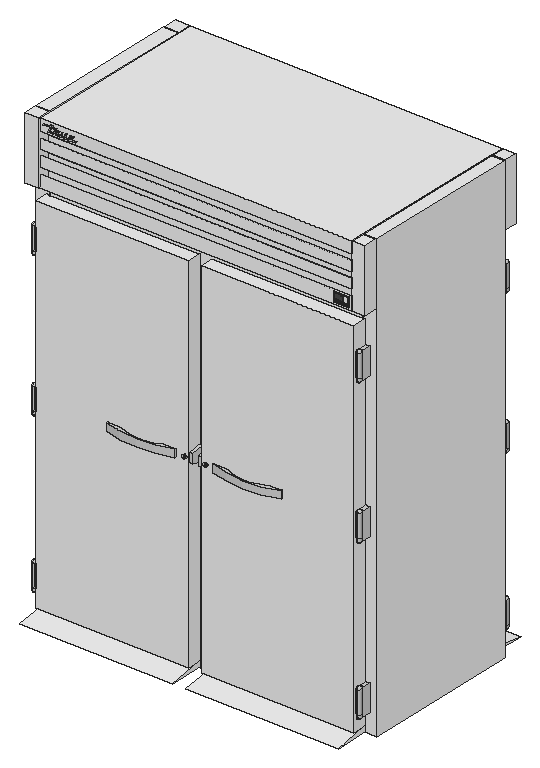
Revit family
Parameters
  Weight in Pounds = 0
  Watts = Volts * FL Amps  # 1092.5 W
  Volts = 115 V
  URL Cutsheet = "www.truemfg.com"
  URL = "www.truemfg.com"
  Type Mark [instance] = ""
  Type Comments = ""
  Status [instance] = ""
  Specification by User [instance] = ""
  Specification by Manufacturer = ""
  Show Logo [instance] = yes
  Show Clearance [instance] = yes
  Serial Number = ""
  Seismic Rating = ""
  SMACNA No = ""
  Revision Code [instance] = ""
  Phase = 1
  Omniclass Number and Title = ""
  Number of Poles [instance] = 1
  NAFEM Spec ID Number = ""
  Model = "STG2RRT89-2S-2S"
  Min Ckt Ampacity = 0 A
  Max Overcurrent Protection = 0 A
  Masterspec = ""
  Manufacturer = "TRUE FOOD SERVICE EQUIPMENT, INC."
  Length = 68"
  Item Number [instance] = ""
  Installed By [instance] = ""
  Identify Quantity as Lot [instance] = yes
  Height = 88 3/4"
  HP = "1/2"
  Furnished By [instance] = ""
  Foodservice Equipment Identifier [instance] = yes
  FL Amps = 9.5 A
  Electrical Remarks [instance] = ""
  Electric Connection Type [instance] = ""
  Elec Conn RI Height [instance] = 0"
  Elec Conn Connection Height [instance] = 0"
  Description = "Roll-thru Solid Swing Door Refrigerator"
  Depth = 37 1/2"
  Cycle = 60 Hz
  Conn Plug = "5-15P"
  Conn Conduit = yes
  CSI MasterFormat = ""
  CSI Master Format = ""
  Apparent Power = if(Phase = 3, Volts * FL Amps * 1.73, Volts * FL Amps)  # 1092.5 VA
Reference planes (in)
  plane 1 "BACK": y = 0
  plane 2: z = 0
  plane 3 "LEFT": x = 0
  plane 4 "RIGHT": x = 68
  plane 5 "FRONT": y = -37.5
  plane 6 "TOP": z = 88.75
  plane 7: x = 2.84375
  plane 8: y = -18.75
  plane 9: z = 73.75
  plane 10: y = -37.4542
  plane 11: y = -0.0458
  plane 12: x = 34
Forms (in)
  Extrusion 1, solid, material "QF_Finishes_Chrome - Satin"
    sketch origin (0.05, 0, 0) x (1, 0, 0) y (0, 1, 0)
      loop
        line (-0.05, -2.75) -> (-0.05, -34.75) -> (2.87859, -34.75) -> (2.87859, -2.75) -> (-0.05, -2.75)
    from 0 to 88.75
  Extrusion 2, solid, material "QF_Finishes_Chrome - Satin"
    sketch origin (83.15, 0, 0) x (1, 0, 0) y (0, 1, 0)
      loop
        line (-17.85, -2.75) -> (-17.85, -34.75) -> (-15.15, -34.75) -> (-15.15, -2.75) -> (-17.85, -2.75)
    from 0 to 88.75
  Extrusion 3, solid, material "QF_Finishes_Chrome - Satin"
    sketch origin (0, 0, 0) x (0, 1, 0) y (0, 0, 1)
      loop
        line (-37.4542, 76.28125) -> (-34.75, 76.28125) -> (-34.75, 0) -> (-2.75, 0) -> (-2.75, 76.28125) -> (-0.0458, 76.28125) -> (-0.0458, 78.81726) -> (-2.25, 77.25) -> (-2.25, 78.52557) -> (-0.0458, 80.09284) -> (-0.0458, 82.18904) -> (-2.25, 80.62178) -> (-2.25, 81.58254) -> (-0.0458, 83.1498) -> (-0.0458, 85.28351) -> (-2.25, 83.71625) -> (-2.25, 84.83852) -> (-0.0458, 86.40578) -> (-0.0458, 88.75) -> (-37.4542, 88.75) -> (-37.4542, 86.40578) -> (-35.25, 84.83852) -> (-35.25, 83.71625) -> (-37.4542, 85.28351) -> (-37.4542, 83.1498) -> (-35.25, 81.58254) -> (-35.25, 80.62178) -> (-37.4542, 82.18904) -> (-37.4542, 80.09284) -> (-35.25, 78.52557) -> (-35.25, 77.25) -> (-37.4542, 78.81726) -> (-37.4542, 76.28125)
    from 2.92859 to 65.3
  Extrusion 4, solid, material "QF_Finishes_Chrome - Satin"
    sketch origin (33, 0, 0) x (1, 0, 0) y (0, 1, 0)
      loop
        line (34.84782, -34.75) -> (32.3, -34.75) -> (32.3, -37.5) -> (34.84782, -37.5) -> (34.84782, -34.75)
      loop
        line (34.84782, -2.75) -> (34.84782, 0) -> (32.3, 0) -> (32.3, -2.75) -> (34.84782, -2.75)
    from 76.28125 to 88.75
  Extrusion 5, solid, material "QF_Finishes_Chrome - Satin"
    sketch origin (-50.125, 0, 0.25) x (1, 0, 0) y (0, 1, 0)
      loop
        line (53.05359, -34.75) -> (50.24109, -34.75) -> (50.24109, -37.5) -> (53.05359, -37.5) -> (53.05359, -34.75)
      loop
        line (53.05359, -2.75) -> (53.05359, 0) -> (50.24109, 0) -> (50.24109, -2.75) -> (53.05359, -2.75)
    from 76.03125 to 88.5
  Extrusion 6, solid, material "QF_Finishes_Chrome - Satin"
    sketch origin (-24.96875, -3.75, -0.71875) x (1, 0, 0) y (0, 0, 1)
      loop
        line (27.25, 1.71875) -> (57.65625, 1.71875) -> (57.65625, 74.46875) -> (27.25, 74.46875) -> (27.25, 1.71875)
      loop
        line (90.6875, 1.71875) -> (90.6875, 74.46875) -> (60.28125, 74.46875) -> (60.28125, 1.71875) -> (90.6875, 1.71875)
    from 31 to 33.75
  Extrusion 7, solid, material "QF_Finishes_Handrails and Railings"
    sketch origin (91.65625, -0.25, 26.93519) x (1, 0, 0) y (0, 1, 0)
      loop
        line (-53.875, -37.25) -> (-53.875, -37.45)
        arc (-53.875, -37.45) -> (-47.075, -38.65633) -> (-40.275, -37.45) r 19.7687
        line (-40.275, -37.45) -> (-40.275, -37.25) -> (-42.675, -37.25)
        arc (-42.675, -37.25) -> (-47.075, -38.40816) -> (-51.475, -37.25) r 8.93713
        line (-51.475, -37.25) -> (-53.875, -37.25)
    from 10.87731 to 12.37731
  Extrusion 8, solid, material "QF_Finishes_Handrails and Railings"
    sketch origin (9.65625, -3.83467, -1.5) x (1, 0, 0) y (0, 0, 1)
      loop
        circle (26.4375, 40.0625) r 0.35
      loop
        line (26.47265, 40.33635) -> (26.41715, 40.33635) -> (26.41715, 39.76895) -> (26.47265, 39.76895) -> (26.47265, 40.33635)
    from 33.5 to 33.83066
  Extrusion 9, solid, material "QF_Finishes_Handrails and Railings", visible <- "Show Logo"
    sketch origin (0.33478, -2.68623, 5.01857) x (1, 0, 0) y (0, 0, 1)
      loop
        line (3.46044, 83.08731) -> (3.35478, 82.86073) -> (4.76027, 82.86073)
        arc (4.76027, 82.86073) -> (4.78879, 82.81028) -> (4.76027, 82.75984) r 0.05887
        line (4.76027, 82.75984) -> (4.39369, 81.97372)
        arc (4.39369, 81.97372) -> (4.39051, 81.90091) -> (4.43975, 81.84717) r 0.09523
        line (4.43975, 81.84717) -> (5.33844, 81.84717)
        arc (5.33844, 81.84717) -> (5.45192, 81.88295) -> (5.52436, 81.97735) r 0.19785
        line (5.52436, 81.97735) -> (5.81285, 82.59601) -> (6.0779, 82.59601)
        arc (6.0779, 82.59601) -> (6.14744, 82.57043) -> (6.13737, 82.49703) r 0.05911
        line (6.13737, 82.49703) -> (5.89598, 81.97937)
        arc (5.89598, 81.97937) -> (5.89974, 81.8934) -> (5.97231, 81.84717) r 0.09318
        line (5.97231, 81.84717) -> (6.76198, 81.84717)
        arc (6.76198, 81.84717) -> (6.82249, 81.86919) -> (6.85468, 81.92495) r 0.09412
        arc (6.85468, 81.92495) -> (6.87746, 81.86995) -> (6.93246, 81.84717) r 0.07778
        line (6.93246, 81.84717) -> (7.43246, 81.84717)
        arc (7.43246, 81.84717) -> (7.49022, 81.86265) -> (7.53251, 81.90493) r 0.11552
        arc (7.53251, 81.90493) -> (7.55275, 81.85606) -> (7.60162, 81.83581) r 0.06912
        line (7.60162, 81.83581) -> (8.31225, 81.83581)
        arc (8.31225, 81.83581) -> (8.37034, 81.85988) -> (8.39441, 81.91797) r 0.08216
        arc (8.39441, 81.91797) -> (8.44767, 81.86472) -> (8.52042, 81.84522) r 0.14551
        line (8.52042, 81.84522) -> (9.85158, 81.84522) -> (9.99946, 82.10134) -> (8.65678, 82.10134)
        arc (8.65678, 82.10134) -> (8.61972, 82.12704) -> (8.61834, 82.17211) r 0.05009
        line (8.61834, 82.17211) -> (8.64157, 82.22192)
        arc (8.64157, 82.22192) -> (8.67723, 82.26864) -> (8.73327, 82.28635) r 0.09747
        line (8.73327, 82.28635) -> (9.16485, 82.28635)
        arc (9.16485, 82.28635) -> (9.258, 82.31131) -> (9.32619, 82.3795) r 0.1863
        line (9.32619, 82.3795) -> (9.45119, 82.59601)
        arc (9.45119, 82.59601) -> (9.45119, 82.71157) -> (9.35111, 82.76934) r 0.11556
        line (9.35111, 82.76934) -> (8.89562, 82.76934)
        arc (8.89562, 82.76934) -> (8.7795, 82.74962) -> (8.69849, 82.66412) r 0.18605
        line (8.69849, 82.66412) -> (8.48204, 82.19993)
        arc (8.48204, 82.19993) -> (8.41815, 82.11667) -> (8.31806, 82.08511) r 0.1745
        line (8.31806, 82.08511) -> (7.84559, 82.08511)
        arc (7.84559, 82.08511) -> (7.78903, 82.14684) -> (7.79268, 82.23048) r 0.10939
        line (7.79268, 82.23048) -> (8.04395, 82.76934) -> (7.88403, 82.76934) -> (7.61781, 82.19844)
        arc (7.61781, 82.19844) -> (7.56609, 82.13103) -> (7.48505, 82.10548) r 0.14128
        line (7.48505, 82.10548) -> (7.15925, 82.10548)
        arc (7.15925, 82.10548) -> (7.10419, 82.17723) -> (7.116, 82.26689) r 0.11816
        line (7.116, 82.26689) -> (7.3503, 82.76934) -> (7.18514, 82.76934) -> (6.91546, 82.191)
        arc (6.91546, 82.191) -> (6.85285, 82.12839) -> (6.76733, 82.10548) r 0.17104
        line (6.76733, 82.10548) -> (6.29555, 82.10548)
        arc (6.29555, 82.10548) -> (6.21082, 82.14499) -> (6.20267, 82.23813) r 0.0935
        line (6.20267, 82.23813) -> (6.35774, 82.57069) -> (6.57695, 82.57069)
        arc (6.57695, 82.57069) -> (6.61395, 82.68217) -> (6.69267, 82.76934) r 0.2857
        line (6.69267, 82.76934) -> (5.83605, 82.76934)
        arc (5.83605, 82.76934) -> (5.74086, 82.74824) -> (5.67498, 82.67635) r 0.16212
        line (5.67498, 82.67635) -> (5.44279, 82.17841)
        arc (5.44279, 82.17841) -> (5.3894, 82.12502) -> (5.31647, 82.10548) r 0.14586
        line (5.31647, 82.10548) -> (4.80506, 82.10548)
        arc (4.80506, 82.10548) -> (4.76514, 82.15942) -> (4.77274, 82.22609) r 0.09155
        line (4.77274, 82.22609) -> (5.11018, 82.86073) -> (5.96155, 82.86073) -> (6.06721, 83.08731) -> (5.21584, 83.08731) -> (5.32149, 83.31388) -> (5.01862, 83.31388) -> (4.91297, 83.08731) -> (3.46044, 83.08731)
      loop
        arc (8.83805, 82.56363) -> (8.80119, 82.55375) -> (8.7742, 82.52676) r 0.07373
        line (8.7742, 82.52676) -> (8.75229, 82.45936)
        arc (8.75229, 82.45936) -> (8.76245, 82.43483) -> (8.78699, 82.42466) r 0.0347
        line (8.78699, 82.42466) -> (9.15948, 82.42466)
        arc (9.15948, 82.42466) -> (9.18632, 82.43061) -> (9.20812, 82.44734) r 0.0635
        line (9.20812, 82.44734) -> (9.22624, 82.53122)
        arc (9.22624, 82.53122) -> (9.22091, 82.55368) -> (9.20009, 82.56363) r 0.02676
        line (9.20009, 82.56363) -> (8.83805, 82.56363)
    from 34.76797 to 34.83173
  Extrusion 10, solid, material "QF_Finishes_White"
    sketch origin (10.81438, -2.7042, -7.94372) x (1, 0, 0) y (0, 0, 1)
      loop
        line (50.81732, 86.35727) -> (50.81732, 84.60996) -> (53.72357, 84.60996) -> (53.72357, 86.35727) -> (50.81732, 86.35727)
    from 34.75 to 34.76797
  Extrusion 11, solid, material "QF_Finishes_Black"
    sketch origin (10.81438, -2.7042, -7.94372) x (1, 0, 0) y (0, 0, 1)
      loop
        line (53.78607, 86.41977) -> (50.75482, 86.41977) -> (50.75482, 84.54746) -> (53.78607, 84.54746) -> (53.78607, 86.41977)
      loop
        spline (50.95482, 84.87872) -> (50.96333, 84.86254) -> (50.98831, 84.84747) -> (51.02804, 84.83452) -> (51.07982, 84.82459) -> (51.14011, 84.81835) -> (51.20482, 84.81622) -> (51.26952, 84.81835) -> (51.32982, 84.82459) -> (51.38159, 84.83452) -> (51.42132, 84.84747) -> (51.4463, 84.86254) -> (51.45482, 84.87872)
        spline (51.45482, 84.87872) -> (51.4463, 84.89489) -> (51.42132, 84.90997) -> (51.38159, 84.92291) -> (51.32982, 84.93284) -> (51.26952, 84.93909) -> (51.20482, 84.94122) -> (51.14011, 84.93909) -> (51.07982, 84.93284) -> (51.02804, 84.92291) -> (50.98831, 84.90997) -> (50.96333, 84.89489) -> (50.95482, 84.87872)
      loop
        spline (51.65083, 84.87872) -> (51.65935, 84.86254) -> (51.68432, 84.84747) -> (51.72405, 84.83452) -> (51.77583, 84.82459) -> (51.83612, 84.81835) -> (51.90083, 84.81622) -> (51.96553, 84.81835) -> (52.02583, 84.82459) -> (52.07761, 84.83452) -> (52.11734, 84.84747) -> (52.14231, 84.86254) -> (52.15083, 84.87872)
        spline (52.15083, 84.87872) -> (52.14231, 84.89489) -> (52.11734, 84.90997) -> (52.07761, 84.92291) -> (52.02583, 84.93284) -> (51.96553, 84.93909) -> (51.90083, 84.94122) -> (51.83612, 84.93909) -> (51.77583, 84.93284) -> (51.72405, 84.92291) -> (51.68432, 84.90997) -> (51.65935, 84.89489) -> (51.65083, 84.87872)
      loop
        spline (52.40083, 84.87872) -> (52.40935, 84.86254) -> (52.43432, 84.84747) -> (52.47405, 84.83452) -> (52.52583, 84.82459) -> (52.58612, 84.81835) -> (52.65083, 84.81622) -> (52.71553, 84.81835) -> (52.77583, 84.82459) -> (52.82761, 84.83452) -> (52.86734, 84.84747) -> (52.89231, 84.86254) -> (52.90083, 84.87872)
        spline (52.90083, 84.87872) -> (52.89231, 84.89489) -> (52.86734, 84.90997) -> (52.82761, 84.92291) -> (52.77583, 84.93284) -> (52.71553, 84.93909) -> (52.65083, 84.94122) -> (52.58612, 84.93909) -> (52.52583, 84.93284) -> (52.47405, 84.92291) -> (52.43432, 84.90997) -> (52.40935, 84.89489) -> (52.40083, 84.87872)
      loop
        line (50.95481, 86.21978) -> (50.95481, 85.21978) -> (52.65433, 85.21978) -> (52.65433, 86.21978) -> (50.95481, 86.21978)
      loop
        line (53.72357, 86.35727) -> (50.81732, 86.35727) -> (50.81732, 84.60996) -> (53.72357, 84.60996) -> (53.72357, 86.35727)
      loop
        spline (53.15083, 84.87872) -> (53.15935, 84.86254) -> (53.18432, 84.84747) -> (53.22405, 84.83452) -> (53.27583, 84.82459) -> (53.33612, 84.81835) -> (53.40083, 84.81622) -> (53.46553, 84.81835) -> (53.52583, 84.82459) -> (53.57761, 84.83452) -> (53.61734, 84.84747) -> (53.64231, 84.86254) -> (53.65083, 84.87872)
        spline (53.65083, 84.87872) -> (53.64231, 84.89489) -> (53.61734, 84.90997) -> (53.57761, 84.92291) -> (53.52583, 84.93284) -> (53.46553, 84.93909) -> (53.40083, 84.94122) -> (53.33612, 84.93909) -> (53.27583, 84.93284) -> (53.22405, 84.92291) -> (53.18432, 84.90997) -> (53.15935, 84.89489) -> (53.15083, 84.87872)
    from 34.76797 to 34.80335
  Extrusion 12, solid
    sketch origin (9.125, 0, 0) x (1, 0, 0) y (0, 0, 1)
      loop
        circle (56.875, 86.625) r 0.25
    from 0 to 0.0625
  Blend 13, solid, material "QF_Finishes_Handrails and Railings"
    base sketch origin (60.5625, -3.75, 0.5) x (-1, 0, 0) y (0, 0, -1)
      loop
        line (25.25, -38.99169) -> (26, -38.99169) -> (26, -37.24169) -> (25.25, -37.24169) -> (25.25, -38.99169)
    top sketch origin (60.5625, 0, 0.5) x (-1, 0, 0) y (0, 0, -1)
      loop
        line (26.18223, -36.6441) -> (25.25, -36.6441) -> (25.25, -39.42643) -> (26.18223, -39.42643) -> (26.18223, -36.6441)
    from 33.57883 to 34.75
  Extrusion 14, solid, material "QF_Finishes_Handrails and Railings"
    sketch origin (66.8125, 0, 0) x (0, 1, 0) y (0, 0, -1)
      loop
        line (-34.75, -69.17729) -> (-34.75, -63.86127) -> (-37, -63.86127) -> (-37, -64.57348) -> (-36.56497, -64.57348) -> (-36.56497, -68.97276)
        arc (-36.56497, -68.97276) -> (-36.50506, -69.11738) -> (-36.36044, -69.17729) r 0.20453
        line (-36.36044, -69.17729) -> (-34.75, -69.17729)
    from 0.17506 to 1
  Revolve 15, solid, material "QF_Finishes_Handrails and Railings"
    sketch origin (66.3125, 0, 0) x (0, 1, 0) y (0, 0, -1)
      loop
        line (-37.01563, -64.62689) -> (-37.42229, -64.62689) -> (-37.42229, -69.0986)
        arc (-37.42229, -69.0986) -> (-37.28722, -69.35057) -> (-37.01563, -69.43983) r 0.3848
        line (-37.01563, -69.43983) -> (-37.01563, -64.62689)
      loop
        line (-37.01563, -64.57348) -> (-37.01563, -63.67281)
        arc (-37.01563, -63.67281) -> (-37.28264, -63.75883) -> (-37.42229, -64.00212) r 0.38884
        line (-37.42229, -64.00212) -> (-37.42229, -64.57348) -> (-37.01563, -64.57348)
      axis (-37.01563, -63.67281) -> (-37.01563, -69.43983)
    angle from 0 to 360
  Extrusion 16, solid, material "QF_Finishes_Handrails and Railings"
    sketch origin (60.53125, -3.82734, 0.0011) x (-1, 0, 0) y (0, 0, -1)
      loop
        line (-5.58509, -69.0986) -> (-5.1875, -69.0986) -> (-5.1875, -64.62579) -> (-5.58509, -64.62579) -> (-5.58509, -69.0986)
    from 32.81497 to 33.59495
  Extrusion 17, solid, material "QF_Finishes_Handrails and Railings"
    sketch origin (66.8125, 0, -24) x (0, 1, 0) y (0, 0, -1)
      loop
        line (-34.75, -64.55229) -> (-34.75, -59.23627) -> (-37, -59.23627) -> (-37, -59.94848) -> (-36.56497, -59.94848) -> (-36.56497, -64.34776)
        arc (-36.56497, -64.34776) -> (-36.50506, -64.49238) -> (-36.36044, -64.55229) r 0.20453
        line (-36.36044, -64.55229) -> (-34.75, -64.55229)
    from 0.17506 to 1
  Revolve 18, solid, material "QF_Finishes_Handrails and Railings"
    sketch origin (66.3125, 0, -24) x (0, 1, 0) y (0, 0, -1)
      loop
        line (-37.01563, -60.00189) -> (-37.42229, -60.00189) -> (-37.42229, -64.4736)
        arc (-37.42229, -64.4736) -> (-37.28722, -64.72557) -> (-37.01563, -64.81483) r 0.3848
        line (-37.01563, -64.81483) -> (-37.01563, -60.00189)
      loop
        line (-37.01563, -59.94848) -> (-37.01563, -59.04781)
        arc (-37.01563, -59.04781) -> (-37.28264, -59.13383) -> (-37.42229, -59.37712) r 0.38884
        line (-37.42229, -59.37712) -> (-37.42229, -59.94848) -> (-37.01563, -59.94848)
      axis (-37.01563, -59.04781) -> (-37.01563, -64.81483)
    angle from 0 to 360
  Extrusion 19, solid, material "QF_Finishes_Handrails and Railings"
    sketch origin (60.53125, -3.82734, -23.9989) x (-1, 0, 0) y (0, 0, -1)
      loop
        line (-5.58509, -64.4736) -> (-5.1875, -64.4736) -> (-5.1875, -60.00079) -> (-5.58509, -60.00079) -> (-5.58509, -64.4736)
    from 32.81497 to 33.59495
  Extrusion 20, solid, material "QF_Finishes_Handrails and Railings"
    sketch origin (66.8125, 0, -55.5) x (0, 1, 0) y (0, 0, -1)
      loop
        line (-34.75, -64.55229) -> (-34.75, -59.23627) -> (-37, -59.23627) -> (-37, -59.94848) -> (-36.56497, -59.94848) -> (-36.56497, -64.34776)
        arc (-36.56497, -64.34776) -> (-36.50506, -64.49238) -> (-36.36044, -64.55229) r 0.20453
        line (-36.36044, -64.55229) -> (-34.75, -64.55229)
    from 0.17506 to 1
  Revolve 21, solid, material "QF_Finishes_Handrails and Railings"
    sketch origin (66.3125, 0, -55.5) x (0, 1, 0) y (0, 0, -1)
      loop
        line (-37.01563, -60.00189) -> (-37.42229, -60.00189) -> (-37.42229, -64.4736)
        arc (-37.42229, -64.4736) -> (-37.28722, -64.72557) -> (-37.01563, -64.81483) r 0.3848
        line (-37.01563, -64.81483) -> (-37.01563, -60.00189)
      loop
        line (-37.01563, -59.94848) -> (-37.01563, -59.04781)
        arc (-37.01563, -59.04781) -> (-37.28264, -59.13383) -> (-37.42229, -59.37712) r 0.38884
        line (-37.42229, -59.37712) -> (-37.42229, -59.94848) -> (-37.01563, -59.94848)
      axis (-37.01563, -59.04781) -> (-37.01563, -64.81483)
    angle from 0 to 360
  Extrusion 22, solid, material "QF_Finishes_Handrails and Railings"
    sketch origin (60.53125, -3.82734, -55.4989) x (-1, 0, 0) y (0, 0, -1)
      loop
        line (-5.58509, -64.4736) -> (-5.1875, -64.4736) -> (-5.1875, -60.00079) -> (-5.58509, -60.00079) -> (-5.58509, -64.4736)
    from 32.81497 to 33.59495
  Extrusion 23, solid, material "QF_Finishes_Door Clearance", visible <- "Show Clearance", detail levels coarse
    sketch origin (26.42841, -3.6098, 0) x (1, 0, 0) y (0, 1, 0)
      loop
        line (-24.14716, -33.8902) -> (-24.14716, -64.29645)
        arc (-24.14716, -64.29645) -> (-2.64669, -55.39067) -> (6.25909, -33.8902) r 30.40625
        line (6.25909, -33.8902) -> (-24.14716, -33.8902)
      loop
        line (39.29034, -33.8902) -> (8.88409, -33.8902)
        arc (8.88409, -33.8902) -> (17.78987, -55.39067) -> (39.29034, -64.29645) r 30.40625
        line (39.29034, -64.29645) -> (39.29034, -33.8902)
    from 1 to 73.75
  Extrusion 24, solid, material "QF_Finishes_Chrome - Satin"
    sketch origin (32.6875, -3.75, 1) x (0, 0, 1) y (0, -1, 0)
      loop
        line (-1, 37.6875) -> (-1, 31) -> (0, 31) -> (-1, 37.6875)
    from 0 to -30.40625
  Extrusion 25, solid, material "QF_Finishes_Handrails and Railings"
    sketch origin (-23.65625, -0.25, 26.93519) x (1, 0, 0) y (0, 1, 0)
      loop
        line (53.875, -37.25) -> (51.475, -37.25)
        arc (51.475, -37.25) -> (47.075, -38.40816) -> (42.675, -37.25) r 8.93713
        line (42.675, -37.25) -> (40.275, -37.25) -> (40.275, -37.45)
        arc (40.275, -37.45) -> (47.075, -38.65633) -> (53.875, -37.45) r 19.7687
        line (53.875, -37.45) -> (53.875, -37.25)
    from 10.87731 to 12.37731
  Extrusion 26, solid, material "QF_Finishes_Handrails and Railings"
    sketch origin (58.34375, -3.83467, -1.5) x (-1, 0, 0) y (0, 0, -1)
      loop
        circle (26.4375, -40.0625) r 0.35
      loop
        line (26.47265, -40.33635) -> (26.47265, -39.76895) -> (26.41715, -39.76895) -> (26.41715, -40.33635) -> (26.47265, -40.33635)
    from 33.5 to 33.83066
  Blend 27, solid, material "QF_Finishes_Handrails and Railings"
    base sketch origin (7.4375, -3.75, 0.5) x (1, 0, 0) y (0, 0, 1)
      loop
        line (25.25, 38.99169) -> (25.25, 37.24169) -> (26, 37.24169) -> (26, 38.99169) -> (25.25, 38.99169)
    top sketch origin (7.4375, 0, 0.5) x (1, 0, 0) y (0, 0, 1)
      loop
        line (26.18223, 36.6441) -> (26.18223, 39.42643) -> (25.25, 39.42643) -> (25.25, 36.6441) -> (26.18223, 36.6441)
    from 33.57883 to 34.75
  Extrusion 28, solid, material "QF_Finishes_Handrails and Railings"
    sketch origin (1.1875, 0, 0) x (0, 1, 0) y (0, 0, 1)
      loop
        line (-34.75, 69.17729) -> (-36.36044, 69.17729)
        arc (-36.36044, 69.17729) -> (-36.50506, 69.11738) -> (-36.56497, 68.97276) r 0.20453
        line (-36.56497, 68.97276) -> (-36.56497, 64.57348) -> (-37, 64.57348) -> (-37, 63.86127) -> (-34.75, 63.86127) -> (-34.75, 69.17729)
    from 0.17506 to 1
  Revolve 29, solid, material "QF_Finishes_Handrails and Railings"
    sketch origin (1.6875, 0, 0) x (0, 1, 0) y (0, 0, 1)
      loop
        line (-37.01563, 64.62689) -> (-37.01563, 69.43983)
        arc (-37.01563, 69.43983) -> (-37.28722, 69.35057) -> (-37.42229, 69.0986) r 0.3848
        line (-37.42229, 69.0986) -> (-37.42229, 64.62689) -> (-37.01563, 64.62689)
      loop
        line (-37.01563, 64.57348) -> (-37.42229, 64.57348) -> (-37.42229, 64.00212)
        arc (-37.42229, 64.00212) -> (-37.28264, 63.75883) -> (-37.01563, 63.67281) r 0.38884
        line (-37.01563, 63.67281) -> (-37.01563, 64.57348)
      axis (-37.01563, 63.67281) -> (-37.01563, 69.43983)
    angle from 0 to 360
  Extrusion 30, solid, material "QF_Finishes_Handrails and Railings"
    sketch origin (7.46875, -3.82734, 0.0011) x (1, 0, 0) y (0, 0, 1)
      loop
        line (-5.58509, 69.0986) -> (-5.58509, 64.62579) -> (-5.1875, 64.62579) -> (-5.1875, 69.0986) -> (-5.58509, 69.0986)
    from 32.81497 to 33.59495
  Extrusion 31, solid, material "QF_Finishes_Handrails and Railings"
    sketch origin (1.1875, 0, -24) x (0, 1, 0) y (0, 0, 1)
      loop
        line (-34.75, 64.55229) -> (-36.36044, 64.55229)
        arc (-36.36044, 64.55229) -> (-36.50506, 64.49238) -> (-36.56497, 64.34776) r 0.20453
        line (-36.56497, 64.34776) -> (-36.56497, 59.94848) -> (-37, 59.94848) -> (-37, 59.23627) -> (-34.75, 59.23627) -> (-34.75, 64.55229)
    from 0.17506 to 1
  Revolve 32, solid, material "QF_Finishes_Handrails and Railings"
    sketch origin (1.6875, 0, -24) x (0, 1, 0) y (0, 0, 1)
      loop
        line (-37.01563, 60.00189) -> (-37.01563, 64.81483)
        arc (-37.01563, 64.81483) -> (-37.28722, 64.72557) -> (-37.42229, 64.4736) r 0.3848
        line (-37.42229, 64.4736) -> (-37.42229, 60.00189) -> (-37.01563, 60.00189)
      loop
        line (-37.01563, 59.94848) -> (-37.42229, 59.94848) -> (-37.42229, 59.37712)
        arc (-37.42229, 59.37712) -> (-37.28264, 59.13383) -> (-37.01563, 59.04781) r 0.38884
        line (-37.01563, 59.04781) -> (-37.01563, 59.94848)
      axis (-37.01563, 59.04781) -> (-37.01563, 64.81483)
    angle from 0 to 360
  Extrusion 33, solid, material "QF_Finishes_Handrails and Railings"
    sketch origin (7.46875, -3.82734, -23.9989) x (1, 0, 0) y (0, 0, 1)
      loop
        line (-5.58509, 64.4736) -> (-5.58509, 60.00079) -> (-5.1875, 60.00079) -> (-5.1875, 64.4736) -> (-5.58509, 64.4736)
    from 32.81497 to 33.59495
  Extrusion 34, solid, material "QF_Finishes_Handrails and Railings"
    sketch origin (1.1875, 0, -55.5) x (0, 1, 0) y (0, 0, 1)
      loop
        line (-34.75, 64.55229) -> (-36.36044, 64.55229)
        arc (-36.36044, 64.55229) -> (-36.50506, 64.49238) -> (-36.56497, 64.34776) r 0.20453
        line (-36.56497, 64.34776) -> (-36.56497, 59.94848) -> (-37, 59.94848) -> (-37, 59.23627) -> (-34.75, 59.23627) -> (-34.75, 64.55229)
    from 0.17506 to 1
  Revolve 35, solid, material "QF_Finishes_Handrails and Railings"
    sketch origin (1.6875, 0, -55.5) x (0, 1, 0) y (0, 0, 1)
      loop
        line (-37.01563, 60.00189) -> (-37.01563, 64.81483)
        arc (-37.01563, 64.81483) -> (-37.28722, 64.72557) -> (-37.42229, 64.4736) r 0.3848
        line (-37.42229, 64.4736) -> (-37.42229, 60.00189) -> (-37.01563, 60.00189)
      loop
        line (-37.01563, 59.94848) -> (-37.42229, 59.94848) -> (-37.42229, 59.37712)
        arc (-37.42229, 59.37712) -> (-37.28264, 59.13383) -> (-37.01563, 59.04781) r 0.38884
        line (-37.01563, 59.04781) -> (-37.01563, 59.94848)
      axis (-37.01563, 59.04781) -> (-37.01563, 64.81483)
    angle from 0 to 360
  Extrusion 36, solid, material "QF_Finishes_Handrails and Railings"
    sketch origin (7.46875, -3.82734, -55.4989) x (1, 0, 0) y (0, 0, 1)
      loop
        line (-5.58509, 64.4736) -> (-5.58509, 60.00079) -> (-5.1875, 60.00079) -> (-5.1875, 64.4736) -> (-5.58509, 64.4736)
    from 32.81497 to 33.59495
  Extrusion 37, solid, material "QF_Finishes_Chrome - Satin"
    sketch origin (35.3125, -3.75, 1) x (0, 0, 1) y (0, 1, 0)
      loop
        line (-1, -37.6875) -> (0, -31) -> (-1, -31) -> (-1, -37.6875)
    from 0 to -30.40625
  Extrusion 38, solid, material "QF_Finishes_Chrome - Satin"
    sketch origin (-24.96875, -33.75, -0.71875) x (1, 0, 0) y (0, 0, -1)
      loop
        line (27.25, -1.71875) -> (27.25, -74.46875) -> (57.65625, -74.46875) -> (57.65625, -1.71875) -> (27.25, -1.71875)
      loop
        line (90.6875, -1.71875) -> (60.28125, -1.71875) -> (60.28125, -74.46875) -> (90.6875, -74.46875) -> (90.6875, -1.71875)
    from 31 to 33.75
  Extrusion 39, solid, material "QF_Finishes_Handrails and Railings"
    sketch origin (91.65625, -37.25, 26.93519) x (-1, 0, 0) y (0, -1, 0)
      loop
        line (53.875, -37.25) -> (51.475, -37.25)
        arc (51.475, -37.25) -> (47.075, -38.40816) -> (42.675, -37.25) r 8.93713
        line (42.675, -37.25) -> (40.275, -37.25) -> (40.275, -37.45)
        arc (40.275, -37.45) -> (47.075, -38.65633) -> (53.875, -37.45) r 19.7687
        line (53.875, -37.45) -> (53.875, -37.25)
    from 10.87731 to 12.37731
  Extrusion 40, solid, material "QF_Finishes_Handrails and Railings"
    sketch origin (9.65625, -33.66533, -1.5) x (1, 0, 0) y (0, 0, -1)
      loop
        circle (26.4375, -40.0625) r 0.35
      loop
        line (26.47265, -40.33635) -> (26.47265, -39.76895) -> (26.41715, -39.76895) -> (26.41715, -40.33635) -> (26.47265, -40.33635)
    from 33.5 to 33.83066
  Blend 41, solid, material "QF_Finishes_Handrails and Railings"
    base sketch origin (60.5625, -33.75, 0.5) x (-1, 0, 0) y (0, 0, 1)
      loop
        line (25.25, 38.99169) -> (25.25, 37.24169) -> (26, 37.24169) -> (26, 38.99169) -> (25.25, 38.99169)
    top sketch origin (60.5625, -37.5, 0.5) x (-1, 0, 0) y (0, 0, 1)
      loop
        line (26.18223, 36.6441) -> (26.18223, 39.42643) -> (25.25, 39.42643) -> (25.25, 36.6441) -> (26.18223, 36.6441)
    from 33.57883 to 34.75
  Extrusion 42, solid, material "QF_Finishes_Handrails and Railings"
    sketch origin (66.8125, -37.5, 0) x (0, -1, 0) y (0, 0, 1)
      loop
        line (-34.75, 69.17729) -> (-36.36044, 69.17729)
        arc (-36.36044, 69.17729) -> (-36.50506, 69.11738) -> (-36.56497, 68.97276) r 0.20453
        line (-36.56497, 68.97276) -> (-36.56497, 64.57348) -> (-37, 64.57348) -> (-37, 63.86127) -> (-34.75, 63.86127) -> (-34.75, 69.17729)
    from 0.17506 to 1
  Revolve 43, solid, material "QF_Finishes_Handrails and Railings"
    sketch origin (66.3125, -37.5, 0) x (0, -1, 0) y (0, 0, 1)
      loop
        line (-37.01563, 64.62689) -> (-37.01563, 69.43983)
        arc (-37.01563, 69.43983) -> (-37.28722, 69.35057) -> (-37.42229, 69.0986) r 0.3848
        line (-37.42229, 69.0986) -> (-37.42229, 64.62689) -> (-37.01563, 64.62689)
      loop
        line (-37.01563, 64.57348) -> (-37.42229, 64.57348) -> (-37.42229, 64.00212)
        arc (-37.42229, 64.00212) -> (-37.28264, 63.75883) -> (-37.01563, 63.67281) r 0.38884
        line (-37.01563, 63.67281) -> (-37.01563, 64.57348)
      axis (-37.01563, 63.67281) -> (-37.01563, 69.43983)
    angle from 0 to 360
  Extrusion 44, solid, material "QF_Finishes_Handrails and Railings"
    sketch origin (60.53125, -33.67266, 0.0011) x (-1, 0, 0) y (0, 0, 1)
      loop
        line (-5.58509, 69.0986) -> (-5.58509, 64.62579) -> (-5.1875, 64.62579) -> (-5.1875, 69.0986) -> (-5.58509, 69.0986)
    from 32.81497 to 33.59495
  Extrusion 45, solid, material "QF_Finishes_Handrails and Railings"
    sketch origin (66.8125, -37.5, -24) x (0, -1, 0) y (0, 0, 1)
      loop
        line (-34.75, 64.55229) -> (-36.36044, 64.55229)
        arc (-36.36044, 64.55229) -> (-36.50506, 64.49238) -> (-36.56497, 64.34776) r 0.20453
        line (-36.56497, 64.34776) -> (-36.56497, 59.94848) -> (-37, 59.94848) -> (-37, 59.23627) -> (-34.75, 59.23627) -> (-34.75, 64.55229)
    from 0.17506 to 1
  Revolve 46, solid, material "QF_Finishes_Handrails and Railings"
    sketch origin (66.3125, -37.5, -24) x (0, -1, 0) y (0, 0, 1)
      loop
        line (-37.01563, 60.00189) -> (-37.01563, 64.81483)
        arc (-37.01563, 64.81483) -> (-37.28722, 64.72557) -> (-37.42229, 64.4736) r 0.3848
        line (-37.42229, 64.4736) -> (-37.42229, 60.00189) -> (-37.01563, 60.00189)
      loop
        line (-37.01563, 59.94848) -> (-37.42229, 59.94848) -> (-37.42229, 59.37712)
        arc (-37.42229, 59.37712) -> (-37.28264, 59.13383) -> (-37.01563, 59.04781) r 0.38884
        line (-37.01563, 59.04781) -> (-37.01563, 59.94848)
      axis (-37.01563, 59.04781) -> (-37.01563, 64.81483)
    angle from 0 to 360
  Extrusion 47, solid, material "QF_Finishes_Handrails and Railings"
    sketch origin (60.53125, -33.67266, -23.9989) x (-1, 0, 0) y (0, 0, 1)
      loop
        line (-5.58509, 64.4736) -> (-5.58509, 60.00079) -> (-5.1875, 60.00079) -> (-5.1875, 64.4736) -> (-5.58509, 64.4736)
    from 32.81497 to 33.59495
  Extrusion 48, solid, material "QF_Finishes_Handrails and Railings"
    sketch origin (66.8125, -37.5, -55.5) x (0, -1, 0) y (0, 0, 1)
      loop
        line (-34.75, 64.55229) -> (-36.36044, 64.55229)
        arc (-36.36044, 64.55229) -> (-36.50506, 64.49238) -> (-36.56497, 64.34776) r 0.20453
        line (-36.56497, 64.34776) -> (-36.56497, 59.94848) -> (-37, 59.94848) -> (-37, 59.23627) -> (-34.75, 59.23627) -> (-34.75, 64.55229)
    from 0.17506 to 1
  Revolve 49, solid, material "QF_Finishes_Handrails and Railings"
    sketch origin (66.3125, -37.5, -55.5) x (0, -1, 0) y (0, 0, 1)
      loop
        line (-37.01563, 60.00189) -> (-37.01563, 64.81483)
        arc (-37.01563, 64.81483) -> (-37.28722, 64.72557) -> (-37.42229, 64.4736) r 0.3848
        line (-37.42229, 64.4736) -> (-37.42229, 60.00189) -> (-37.01563, 60.00189)
      loop
        line (-37.01563, 59.94848) -> (-37.42229, 59.94848) -> (-37.42229, 59.37712)
        arc (-37.42229, 59.37712) -> (-37.28264, 59.13383) -> (-37.01563, 59.04781) r 0.38884
        line (-37.01563, 59.04781) -> (-37.01563, 59.94848)
      axis (-37.01563, 59.04781) -> (-37.01563, 64.81483)
    angle from 0 to 360
  Extrusion 50, solid, material "QF_Finishes_Handrails and Railings"
    sketch origin (60.53125, -33.67266, -55.4989) x (-1, 0, 0) y (0, 0, 1)
      loop
        line (-5.58509, 64.4736) -> (-5.58509, 60.00079) -> (-5.1875, 60.00079) -> (-5.1875, 64.4736) -> (-5.58509, 64.4736)
    from 32.81497 to 33.59495
  Extrusion 51, solid, material "QF_Finishes_Door Clearance", visible <- "Show Clearance", detail levels coarse
    sketch origin (26.42841, -33.8902, 0) x (1, 0, 0) y (0, 1, 0)
      loop
        line (-24.14716, 33.8902) -> (6.25909, 33.8902)
        arc (6.25909, 33.8902) -> (-2.64669, 55.39067) -> (-24.14716, 64.29645) r 30.40625
        line (-24.14716, 64.29645) -> (-24.14716, 33.8902)
      loop
        line (39.29034, 33.8902) -> (39.29034, 64.29645)
        arc (39.29034, 64.29645) -> (17.78987, 55.39067) -> (8.88409, 33.8902) r 30.40625
        line (8.88409, 33.8902) -> (39.29034, 33.8902)
    from 1 to 73.75
  Extrusion 52, solid, material "QF_Finishes_Chrome - Satin"
    sketch origin (32.6875, -33.75, 1) x (0, 0, 1) y (0, -1, 0)
      loop
        line (-1, -37.6875) -> (0, -31) -> (-1, -31) -> (-1, -37.6875)
    from 0 to -30.40625
  Extrusion 53, solid, material "QF_Finishes_Handrails and Railings"
    sketch origin (-23.65625, -37.25, 26.93519) x (-1, 0, 0) y (0, -1, 0)
      loop
        line (-53.875, -37.25) -> (-53.875, -37.45)
        arc (-53.875, -37.45) -> (-47.075, -38.65633) -> (-40.275, -37.45) r 19.7687
        line (-40.275, -37.45) -> (-40.275, -37.25) -> (-42.675, -37.25)
        arc (-42.675, -37.25) -> (-47.075, -38.40816) -> (-51.475, -37.25) r 8.93713
        line (-51.475, -37.25) -> (-53.875, -37.25)
    from 10.87731 to 12.37731
  Extrusion 54, solid, material "QF_Finishes_Handrails and Railings"
    sketch origin (58.34375, -33.66533, -1.5) x (-1, 0, 0) y (0, 0, 1)
      loop
        circle (26.4375, 40.0625) r 0.35
      loop
        line (26.47265, 40.33635) -> (26.41715, 40.33635) -> (26.41715, 39.76895) -> (26.47265, 39.76895) -> (26.47265, 40.33635)
    from 33.5 to 33.83066
  Blend 55, solid, material "QF_Finishes_Handrails and Railings"
    base sketch origin (7.4375, -33.75, 0.5) x (1, 0, 0) y (0, 0, -1)
      loop
        line (25.25, -38.99169) -> (26, -38.99169) -> (26, -37.24169) -> (25.25, -37.24169) -> (25.25, -38.99169)
    top sketch origin (7.4375, -37.5, 0.5) x (1, 0, 0) y (0, 0, -1)
      loop
        line (26.18223, -36.6441) -> (25.25, -36.6441) -> (25.25, -39.42643) -> (26.18223, -39.42643) -> (26.18223, -36.6441)
    from 33.57883 to 34.75
  Extrusion 56, solid, material "QF_Finishes_Handrails and Railings"
    sketch origin (1.1875, -37.5, 0) x (0, -1, 0) y (0, 0, -1)
      loop
        line (-34.75, -69.17729) -> (-34.75, -63.86127) -> (-37, -63.86127) -> (-37, -64.57348) -> (-36.56497, -64.57348) -> (-36.56497, -68.97276)
        arc (-36.56497, -68.97276) -> (-36.50506, -69.11738) -> (-36.36044, -69.17729) r 0.20453
        line (-36.36044, -69.17729) -> (-34.75, -69.17729)
    from 0.17506 to 1
  Revolve 57, solid, material "QF_Finishes_Handrails and Railings"
    sketch origin (1.6875, -37.5, 0) x (0, -1, 0) y (0, 0, -1)
      loop
        line (-37.01563, -64.62689) -> (-37.42229, -64.62689) -> (-37.42229, -69.0986)
        arc (-37.42229, -69.0986) -> (-37.28722, -69.35057) -> (-37.01563, -69.43983) r 0.3848
        line (-37.01563, -69.43983) -> (-37.01563, -64.62689)
      loop
        line (-37.01563, -64.57348) -> (-37.01563, -63.67281)
        arc (-37.01563, -63.67281) -> (-37.28264, -63.75883) -> (-37.42229, -64.00212) r 0.38884
        line (-37.42229, -64.00212) -> (-37.42229, -64.57348) -> (-37.01563, -64.57348)
      axis (-37.01563, -63.67281) -> (-37.01563, -69.43983)
    angle from 0 to 360
  Extrusion 58, solid, material "QF_Finishes_Handrails and Railings"
    sketch origin (7.46875, -33.67266, 0.0011) x (1, 0, 0) y (0, 0, -1)
      loop
        line (-5.58509, -69.0986) -> (-5.1875, -69.0986) -> (-5.1875, -64.62579) -> (-5.58509, -64.62579) -> (-5.58509, -69.0986)
    from 32.81497 to 33.59495
  Extrusion 59, solid, material "QF_Finishes_Handrails and Railings"
    sketch origin (1.1875, -37.5, -24) x (0, -1, 0) y (0, 0, -1)
      loop
        line (-34.75, -64.55229) -> (-34.75, -59.23627) -> (-37, -59.23627) -> (-37, -59.94848) -> (-36.56497, -59.94848) -> (-36.56497, -64.34776)
        arc (-36.56497, -64.34776) -> (-36.50506, -64.49238) -> (-36.36044, -64.55229) r 0.20453
        line (-36.36044, -64.55229) -> (-34.75, -64.55229)
    from 0.17506 to 1
  Revolve 60, solid, material "QF_Finishes_Handrails and Railings"
    sketch origin (1.6875, -37.5, -24) x (0, -1, 0) y (0, 0, -1)
      loop
        line (-37.01563, -60.00189) -> (-37.42229, -60.00189) -> (-37.42229, -64.4736)
        arc (-37.42229, -64.4736) -> (-37.28722, -64.72557) -> (-37.01563, -64.81483) r 0.3848
        line (-37.01563, -64.81483) -> (-37.01563, -60.00189)
      loop
        line (-37.01563, -59.94848) -> (-37.01563, -59.04781)
        arc (-37.01563, -59.04781) -> (-37.28264, -59.13383) -> (-37.42229, -59.37712) r 0.38884
        line (-37.42229, -59.37712) -> (-37.42229, -59.94848) -> (-37.01563, -59.94848)
      axis (-37.01563, -59.04781) -> (-37.01563, -64.81483)
    angle from 0 to 360
  Extrusion 61, solid, material "QF_Finishes_Handrails and Railings"
    sketch origin (7.46875, -33.67266, -23.9989) x (1, 0, 0) y (0, 0, -1)
      loop
        line (-5.58509, -64.4736) -> (-5.1875, -64.4736) -> (-5.1875, -60.00079) -> (-5.58509, -60.00079) -> (-5.58509, -64.4736)
    from 32.81497 to 33.59495
  Extrusion 62, solid, material "QF_Finishes_Handrails and Railings"
    sketch origin (1.1875, -37.5, -55.5) x (0, -1, 0) y (0, 0, -1)
      loop
        line (-34.75, -64.55229) -> (-34.75, -59.23627) -> (-37, -59.23627) -> (-37, -59.94848) -> (-36.56497, -59.94848) -> (-36.56497, -64.34776)
        arc (-36.56497, -64.34776) -> (-36.50506, -64.49238) -> (-36.36044, -64.55229) r 0.20453
        line (-36.36044, -64.55229) -> (-34.75, -64.55229)
    from 0.17506 to 1
  Revolve 63, solid, material "QF_Finishes_Handrails and Railings"
    sketch origin (1.6875, -37.5, -55.5) x (0, -1, 0) y (0, 0, -1)
      loop
        line (-37.01563, -60.00189) -> (-37.42229, -60.00189) -> (-37.42229, -64.4736)
        arc (-37.42229, -64.4736) -> (-37.28722, -64.72557) -> (-37.01563, -64.81483) r 0.3848
        line (-37.01563, -64.81483) -> (-37.01563, -60.00189)
      loop
        line (-37.01563, -59.94848) -> (-37.01563, -59.04781)
        arc (-37.01563, -59.04781) -> (-37.28264, -59.13383) -> (-37.42229, -59.37712) r 0.38884
        line (-37.42229, -59.37712) -> (-37.42229, -59.94848) -> (-37.01563, -59.94848)
      axis (-37.01563, -59.04781) -> (-37.01563, -64.81483)
    angle from 0 to 360
  Extrusion 64, solid, material "QF_Finishes_Handrails and Railings"
    sketch origin (7.46875, -33.67266, -55.4989) x (1, 0, 0) y (0, 0, -1)
      loop
        line (-5.58509, -64.4736) -> (-5.1875, -64.4736) -> (-5.1875, -60.00079) -> (-5.58509, -60.00079) -> (-5.58509, -64.4736)
    from 32.81497 to 33.59495
  Extrusion 65, solid, material "QF_Finishes_Chrome - Satin"
    sketch origin (35.3125, -33.75, 1) x (0, 0, 1) y (0, 1, 0)
      loop
        line (-1, 37.6875) -> (-1, 31) -> (0, 31) -> (-1, 37.6875)
    from 0 to -30.40625
Lines and regions (in)
  symbolic lines
    curve 1: line (0, 0, 0) -> (68, 0, 0)
    curve 2: line (0, -37.5, 0) -> (0, 0, 0)
    curve 3: line (68, -37.5, 0) -> (0, -37.5, 0)
    curve 4: line (68, 0, 0) -> (68, -37.5, 0)
    curve 5: line (68, -35.25, 0) -> (0, -35.25, 0)
    curve 6: arc (27.82621, -37.5, 0) -> (23.42622, -38.65816, 0) -> (19.02622, -37.5, 0) r 8.93715
    curve 7: line (16.62622, -37.5, 0) -> (16.62622, -37.70273, 0)
    curve 8: line (30.22621, -37.69726, 0) -> (30.22621, -37.5, 0)
    curve 11: arc (16.62622, -37.70273, 0) -> (23.4267, -38.90633, 0) -> (30.22621, -37.69726, 0) r 19.7687
    curve 12: line (68, -2.25, 0) -> (0, -2.25, 0)
    curve 13: arc (40.17379, -37.5, 0) -> (44.57378, -38.65816, 0) -> (48.97378, -37.5, 0) r 8.93715
    curve 14: line (51.37378, -37.5, 0) -> (51.37378, -37.70273, 0)
    curve 15: line (37.77379, -37.69726, 0) -> (37.77379, -37.5, 0)
    curve 16: arc (51.37378, -37.70273, 0) -> (44.5733, -38.90633, 0) -> (37.77379, -37.69726, 0) r 19.7687
    curve 17: arc (27.82621, 0, 0) -> (23.42622, 1.15816, 0) -> (19.02622, 0, 0) r 8.93715
    curve 18: line (16.62622, 0, 0) -> (16.62622, 0.20273, 0)
    curve 19: line (30.22621, 0.19726, 0) -> (30.22621, 0, 0)
    curve 20: arc (16.62622, 0.20273, 0) -> (23.4267, 1.40633, 0) -> (30.22621, 0.19726, 0) r 19.7687
    curve 21: arc (40.17379, 0, 0) -> (44.57378, 1.15816, 0) -> (48.97378, 0, 0) r 8.93715
    curve 22: line (51.37378, 0, 0) -> (51.37378, 0.20273, 0)
    curve 23: line (37.77379, 0.19726, 0) -> (37.77379, 0, 0)
    curve 24: arc (51.37378, 0.20273, 0) -> (44.5733, 1.40633, 0) -> (37.77379, 0.19726, 0) r 19.7687
  symbolic lines, style "QF-Door Swings", visible <- "Show Clearance", detail levels coarse
    curve 9: line (2.25, 0, 0) -> (2.25, 30.46875, 0)
    curve 10: arc (2.25, 30.46875, 0) -> (23.79466, 21.54466, 0) -> (32.71875, 0, 0) r 30.46875
    curve 25: line (2.25, -37.5, 0) -> (2.25, -67.96875, 0)
    curve 26: arc (2.25, -67.96875, 0) -> (23.79466, -59.04466, 0) -> (32.71875, -37.5, 0) r 30.46875
    curve 27: line (65.75, 0, 0) -> (65.75, 30.46875, 0)
    curve 28: arc (65.75, 30.46875, 0) -> (44.20534, 21.54466, 0) -> (35.28125, 0, 0) r 30.46875
    curve 29: line (65.75, -37.5, 0) -> (65.75, -67.96875, 0)
    curve 30: arc (65.75, -67.96875, 0) -> (44.20534, -59.04466, 0) -> (35.28125, -37.5, 0) r 30.46875
Dimensions and locks (in)
  "Depth": plane 5 "FRONT" to plane 1 "BACK"
  plane 6 "TOP" to level = 88 3/4"  (x2)
  "Length": plane 3 "LEFT" to plane 4 "RIGHT"
  plane 4 "RIGHT" to plane 3 "LEFT" = 68"
  plane 5 "FRONT" to plane 1 "BACK" = 37 1/2"
  plane 9 to level = 73 3/4"
  Extrusion 6 sketch curve to Extrusion 6 sketch curve = 30 13/32"
  equal spacing: plane 3 "LEFT", plane 12, plane 4 "RIGHT"
  Extrusion 38 sketch curve to Extrusion 38 sketch curve = 30 13/32"
  aligned and locked: level to plane 2
Automatic sketch dimensions
  Extrusion 52 sketch curve to Extrusion 38 = 0"  (x2)
  Extrusion 38 to Extrusion 52 sketch curve = 3 15/16"
  Extrusion 1 sketch curve to plane 3 "LEFT" = 0"
  plane 7 to Extrusion 1 sketch curve = 0.08484"
  Extrusion 1 sketch curve to plane 5 "FRONT" = 2 3/4"
  plane 1 "BACK" to Extrusion 1 sketch curve = 2 3/4"
  Extrusion 2 sketch curve to plane 4 "RIGHT" = 0"
  Extrusion 2 sketch curve to plane 4 "RIGHT" = 2.7"
  Extrusion 2 sketch curve to plane 5 "FRONT" = 2 3/4"
  plane 1 "BACK" to Extrusion 2 sketch curve = 2 3/4"
  Extrusion 3 sketch curve to plane 10 = 0"  (x4)
  Extrusion 3 sketch curve to level = 0"
  Extrusion 3 sketch curve to plane 11 = 0"  (x4)
  Extrusion 3 sketch curve to plane 6 "TOP" = 0"
  plane 10 to Extrusion 3 sketch curve = 2.2042"
  Extrusion 3 sketch curve to Extrusion 3 sketch curve = 0"  (x3)
  plane 10 to Extrusion 3 sketch curve = 2.7042"
  Extrusion 3 sketch curve to Extrusion 3 sketch curve = 2.7042"
  plane 11 to Extrusion 3 sketch curve = 2.2042"
  Extrusion 3 sketch curve to Extrusion 3 sketch curve = 1/2"
  plane 9 to Extrusion 3 sketch curve = 2 17/32"  (x2)
  Extrusion 3 sketch curve to Extrusion 3 sketch curve = 31/32"  (x2)
  Extrusion 3 sketch curve to Extrusion 3 sketch curve = 1.27557"  (x4)
  Extrusion 3 sketch curve to Extrusion 3 sketch curve = 0.29169"  (x2)
  Extrusion 3 sketch curve to Extrusion 3 sketch curve = 2.0962"  (x4)
  Extrusion 3 sketch curve to Extrusion 3 sketch curve = 0.96076"  (x4)
  Extrusion 3 sketch curve to Extrusion 3 sketch curve = 2.13371"  (x4)
  Extrusion 3 sketch curve to Extrusion 3 sketch curve = 1.12227"  (x4)
  plane 1 "BACK" to Extrusion 4 sketch curve = 0"
  plane 5 "FRONT" to Extrusion 4 sketch curve = 0"
  Extrusion 4 sketch curve to plane 4 "RIGHT" = 2.7"  (x2)
  Extrusion 4 sketch curve to plane 4 "RIGHT" = 0.15218"  (x2)
  Extrusion 4 sketch curve to plane 5 "FRONT" = 2 3/4"
  Extrusion 4 sketch curve to Extrusion 4 sketch curve = 2 3/4"
  plane 1 "BACK" to Extrusion 5 sketch curve = 0"
  plane 5 "FRONT" to Extrusion 5 sketch curve = 0"
  plane 3 "LEFT" to Extrusion 5 sketch curve = 0.11609"  (x2)
  plane 7 to Extrusion 5 sketch curve = 0.08484"  (x2)
  Extrusion 5 sketch curve to plane 5 "FRONT" = 2 3/4"
  plane 1 "BACK" to Extrusion 5 sketch curve = 2 3/4"
  Extrusion 6 sketch curve to plane 9 = 0"  (x2)
  Extrusion 6 sketch curve to plane 7 = 9/16"
  plane 12 to Extrusion 6 sketch curve = 1 5/16"
  Extrusion 6 sketch curve to plane 4 "RIGHT" = 2 9/32"
  level to Extrusion 6 sketch curve = 1"  (x2)
  plane 5 "FRONT" to Extrusion 7 sketch curve = 0"  (x2)
  plane 12 to Extrusion 7 sketch curve = 3 25/32"
  Extrusion 7 sketch curve to Extrusion 7 sketch curve = 2.4"  (x2)
  Extrusion 7 sketch curve to Extrusion 7 sketch curve = 4.4"
  Extrusion 7 sketch curve to plane 8 = 0.38764"
  plane 12 to Extrusion 7 sketch curve = 10.58125"
  Extrusion 7 sketch curve to Extrusion 7 sketch curve = 0.2"
  Extrusion 7 sketch curve to plane 5 "FRONT" = 7.77897"
  plane 12 to Extrusion 8 sketch curve = 2.0734"
  Extrusion 8 sketch curve to Extrusion 8 sketch curve = 0.02035"
  Extrusion 8 sketch curve to Extrusion 8 sketch curve = 0.0555"
  Extrusion 8 sketch curve to plane 9 = 35.48105"
  Extrusion 8 sketch curve to Extrusion 8 sketch curve = 0.29355"
  Extrusion 8 sketch curve to Extrusion 8 sketch curve = 0.27385"
  plane 7 to Extrusion 9 sketch curve = 0.84582"
  Extrusion 9 sketch curve to Extrusion 9 sketch curve = 0.10565"  (x5)
  Extrusion 9 sketch curve to Extrusion 9 sketch curve = 1.03891"
  Extrusion 9 sketch curve to Extrusion 9 sketch curve = 0.04606"
  Extrusion 9 sketch curve to Extrusion 9 sketch curve = 0.08631"
  Extrusion 9 sketch curve to Extrusion 9 sketch curve = 0.33624"
  Extrusion 9 sketch curve to Extrusion 9 sketch curve = 0.03034"  (x2)
  Extrusion 9 sketch curve to plane 6 "TOP" = 1.50534"
  Extrusion 9 sketch curve to Extrusion 9 sketch curve = 0.29274"
  Extrusion 9 sketch curve to Extrusion 9 sketch curve = 0.03232"
  Extrusion 9 sketch curve to Extrusion 9 sketch curve = 0.04851"
  Extrusion 9 sketch curve to plane 6 "TOP" = 0.64412"
  Extrusion 9 sketch curve to Extrusion 9 sketch curve = 0.1527"
  Extrusion 9 sketch curve to plane 6 "TOP" = 0.41755"
  Extrusion 9 sketch curve to plane 6 "TOP" = 0.8707"
  Extrusion 9 sketch curve to Extrusion 9 sketch curve = 0.19721"
  Extrusion 9 sketch curve to Extrusion 9 sketch curve = 0.4629"
  Extrusion 9 sketch curve to Extrusion 9 sketch curve = 0.02197"
  Extrusion 9 sketch curve to Extrusion 9 sketch curve = 0.12632"
  Extrusion 9 sketch curve to Extrusion 9 sketch curve = 0.18591"
  Extrusion 9 sketch curve to plane 6 "TOP" = 1.05508"
  Extrusion 9 sketch curve to Extrusion 9 sketch curve = 0.2322"
  Extrusion 9 sketch curve to Extrusion 9 sketch curve = 0.13786"
  Extrusion 9 sketch curve to Extrusion 9 sketch curve = 0.00907"
  Extrusion 9 sketch curve to Extrusion 9 sketch curve = 0.01413"
  Extrusion 9 sketch curve to Extrusion 9 sketch curve = 0.37162"
  Extrusion 9 sketch curve to Extrusion 9 sketch curve = 0.12551"
  Extrusion 9 sketch curve to Extrusion 9 sketch curve = 0.07633"
  Extrusion 9 sketch curve to Extrusion 9 sketch curve = 0.08445"
  Extrusion 9 sketch curve to Extrusion 9 sketch curve = 0.25598"
  Extrusion 9 sketch curve to Extrusion 9 sketch curve = 0.01887"
  Extrusion 9 sketch curve to Extrusion 9 sketch curve = 0.04061"
  Extrusion 9 sketch curve to plane 6 "TOP" = 1.4933"
  Extrusion 9 sketch curve to Extrusion 9 sketch curve = 0.0653"
  Extrusion 9 sketch curve to Extrusion 9 sketch curve = 0.08474"
  Extrusion 9 sketch curve to Extrusion 9 sketch curve = 0.00815"
  Extrusion 9 sketch curve to Extrusion 9 sketch curve = 0.22037"
  Extrusion 9 sketch curve to Extrusion 9 sketch curve = 0.21921"
  Extrusion 9 sketch curve to Extrusion 9 sketch curve = 0.11572"
  Extrusion 9 sketch curve to Extrusion 9 sketch curve = 0.46643"
  Extrusion 9 sketch curve to Extrusion 9 sketch curve = 0.00535"
  Extrusion 9 sketch curve to Extrusion 9 sketch curve = 0.09269"
  Extrusion 9 sketch curve to Extrusion 9 sketch curve = 0.09348"
  Extrusion 9 sketch curve to Extrusion 9 sketch curve = 0.14812"
  Extrusion 9 sketch curve to Extrusion 9 sketch curve = 0.07778"
  Extrusion 9 sketch curve to Extrusion 9 sketch curve = 0.20054"
  Extrusion 9 sketch curve to Extrusion 9 sketch curve = 0.04325"
  Extrusion 9 sketch curve to plane 6 "TOP" = 0.96209"  (x2)
  Extrusion 9 sketch curve to Extrusion 9 sketch curve = 0.32433"
  Extrusion 9 sketch curve to Extrusion 9 sketch curve = 0.05908"
  Extrusion 9 sketch curve to Extrusion 9 sketch curve = 0.16515"
  Extrusion 9 sketch curve to Extrusion 9 sketch curve = 0.27321"
  Extrusion 9 sketch curve to Extrusion 9 sketch curve = 0.0526"
  Extrusion 9 sketch curve to Extrusion 9 sketch curve = 0.10005"
  Extrusion 9 sketch curve to Extrusion 9 sketch curve = 0.06912"
  Extrusion 9 sketch curve to Extrusion 9 sketch curve = 0.13276"
  Extrusion 9 sketch curve to plane 6 "TOP" = 1.50095"
  Extrusion 9 sketch curve to Extrusion 9 sketch curve = 0.17486"
  Extrusion 9 sketch curve to Extrusion 9 sketch curve = 0.05291"
  Extrusion 9 sketch curve to Extrusion 9 sketch curve = 0.53374"
  Extrusion 9 sketch curve to Extrusion 9 sketch curve = 0.04623"
  Extrusion 9 sketch curve to Extrusion 9 sketch curve = 0.15992"
  Extrusion 9 sketch curve to Extrusion 9 sketch curve = 0.46666"
  Extrusion 9 sketch curve to Extrusion 9 sketch curve = 0.00582"
  Extrusion 9 sketch curve to Extrusion 9 sketch curve = 0.08216"
  Extrusion 9 sketch curve to Extrusion 9 sketch curve = 0.16397"
  Extrusion 9 sketch curve to Extrusion 9 sketch curve = 0.12601"
  Extrusion 9 sketch curve to plane 6 "TOP" = 1.55932"
  Extrusion 9 sketch curve to Extrusion 9 sketch curve = 0.1363"
  Extrusion 9 sketch curve to plane 6 "TOP" = 1.50951"
  Extrusion 9 sketch curve to Extrusion 9 sketch curve = 0.02323"
  Extrusion 9 sketch curve to Extrusion 9 sketch curve = 0.03844"
  Extrusion 9 sketch curve to Extrusion 9 sketch curve = 0.0454"
  Extrusion 9 sketch curve to Extrusion 9 sketch curve = 0.05693"
  Extrusion 9 sketch curve to Extrusion 9 sketch curve = 0.0917"
  Extrusion 9 sketch curve to Extrusion 9 sketch curve = 0.01902"
  Extrusion 9 sketch curve to Extrusion 9 sketch curve = 0.02191"
  Extrusion 9 sketch curve to Extrusion 9 sketch curve = 0.0347"
  Extrusion 9 sketch curve to Extrusion 9 sketch curve = 0.06385"
  Extrusion 9 sketch curve to Extrusion 9 sketch curve = 0.02906"
  Extrusion 9 sketch curve to Extrusion 9 sketch curve = 0.02851"
  Extrusion 9 sketch curve to Extrusion 9 sketch curve = 0.29237"
  Extrusion 9 sketch curve to Extrusion 9 sketch curve = 0.00537"
  Extrusion 9 sketch curve to Extrusion 9 sketch curve = 0.0406"
  Extrusion 9 sketch curve to plane 6 "TOP" = 1.28409"
  Extrusion 9 sketch curve to Extrusion 9 sketch curve = 0.04327"
  Extrusion 9 sketch curve to Extrusion 9 sketch curve = 0.02615"
  Extrusion 9 sketch curve to plane 6 "TOP" = 1.35193"
  Extrusion 9 sketch curve to Extrusion 9 sketch curve = 0.11806"
  Extrusion 9 sketch curve to Extrusion 9 sketch curve = 0.15103"
  Extrusion 9 sketch curve to Extrusion 9 sketch curve = 0.10007"
  Extrusion 9 sketch curve to Extrusion 9 sketch curve = 0.5254"
  Extrusion 9 sketch curve to plane 6 "TOP" = 1.63009"
  Extrusion 9 sketch curve to Extrusion 9 sketch curve = 0.14787"
  Extrusion 9 sketch curve to Extrusion 9 sketch curve = 0.14537"
  Extrusion 9 sketch curve to Extrusion 9 sketch curve = 0.18108"
  Extrusion 9 sketch curve to Extrusion 9 sketch curve = 0.11061"
  Extrusion 9 sketch curve to Extrusion 9 sketch curve = 0.25876"
  Extrusion 9 sketch curve to Extrusion 9 sketch curve = 0.06767"
  Extrusion 9 sketch curve to Extrusion 9 sketch curve = 0.12655"
  Extrusion 9 sketch curve to Extrusion 9 sketch curve = 0.12242"
  Extrusion 9 sketch curve to Extrusion 9 sketch curve = 0.29684"
  Extrusion 9 sketch curve to Extrusion 9 sketch curve = 0.03938"
  Extrusion 9 sketch curve to Extrusion 9 sketch curve = 0.06046"
  Extrusion 9 sketch curve to Extrusion 9 sketch curve = 0.13266"
  Extrusion 9 sketch curve to Extrusion 9 sketch curve = 0.14279"
  Extrusion 9 sketch curve to Extrusion 9 sketch curve = 0.07293"
  Extrusion 9 sketch curve to Extrusion 9 sketch curve = 0.03794"
  Extrusion 9 sketch curve to Extrusion 9 sketch curve = 0.08552"
  Extrusion 9 sketch curve to Extrusion 9 sketch curve = 0.09296"
  Extrusion 9 sketch curve to Extrusion 9 sketch curve = 0.02781"
  Extrusion 9 sketch curve to Extrusion 9 sketch curve = 0.10233"
  Extrusion 9 sketch curve to Extrusion 9 sketch curve = 0.04799"
  Extrusion 9 sketch curve to Extrusion 9 sketch curve = 0.03054"
  Extrusion 9 sketch curve to Extrusion 9 sketch curve = 0.2589"
  Extrusion 9 sketch curve to Extrusion 9 sketch curve = 0.0674"
  Extrusion 9 sketch curve to Extrusion 9 sketch curve = 0.0324"
  Extrusion 9 sketch curve to Extrusion 9 sketch curve = 0.26185"
  Extrusion 9 sketch curve to Extrusion 9 sketch curve = 11/256"
  Extrusion 9 sketch curve to Extrusion 9 sketch curve = 0.07366"
  Extrusion 9 sketch curve to Extrusion 9 sketch curve = 0.02187"
  Extrusion 9 sketch curve to Extrusion 9 sketch curve = 0.06479"
  Extrusion 9 sketch curve to Extrusion 9 sketch curve = 0.05778"
  Extrusion 9 sketch curve to Extrusion 9 sketch curve = 0.32747"
  Extrusion 9 sketch curve to Extrusion 9 sketch curve = 0.05045"
  Extrusion 9 sketch curve to Extrusion 9 sketch curve = 29/128"
  plane 9 to Extrusion 10 sketch curve = 2.91624"
  plane 12 to Extrusion 10 sketch curve = 27.6317"
  Extrusion 10 sketch curve to Extrusion 10 sketch curve = 2 29/32"
  Extrusion 10 sketch curve to Extrusion 10 sketch curve = 1.74732"
  plane 12 to Extrusion 11 sketch curve = 27.5692"
  Extrusion 11 sketch curve to Extrusion 11 sketch curve = 1/16"  (x4)
  Extrusion 11 sketch curve to Extrusion 11 sketch curve = 0.1375"  (x3)
  Extrusion 11 sketch curve to Extrusion 11 sketch curve = 1/4"  (x4)
  Extrusion 11 sketch curve to Extrusion 11 sketch curve = 0.44601"
  Extrusion 11 sketch curve to Extrusion 11 sketch curve = 1/2"  (x2)
  Extrusion 11 sketch curve to Extrusion 11 sketch curve = 0.0035"
  Extrusion 11 sketch curve to Extrusion 11 sketch curve = 1.06923"
  plane 9 to Extrusion 11 sketch curve = 2.85374"
  Extrusion 11 sketch curve to Extrusion 11 sketch curve = 0.26876"  (x2)
  Extrusion 11 sketch curve to Extrusion 11 sketch curve = 0"  (x2)
  Extrusion 11 sketch curve to Extrusion 11 sketch curve = 0.34106"
  Extrusion 11 sketch curve to Extrusion 11 sketch curve = 1"
  plane 12 to Extrusion 12 sketch curve = 32"
  Extrusion 12 sketch curve to plane 6 "TOP" = 2 1/8"
  plane 12 to Blend 13 sketch curve = 1 5/16"
  plane 12 to Blend 13 sketch curve = 9/16"
  Blend 13 sketch curve to plane 9 = 34.25831"
  Blend 13 sketch curve to Blend 13 sketch curve = 1 3/4"
  Blend 13 sketch curve to plane 12 = 1 5/16"
  Blend 13 sketch curve to plane 12 = 0.38027"
  plane 9 to Blend 13 sketch curve = 36.6059"
  Blend 13 sketch curve to Blend 13 sketch curve = 2.78233"
  Extrusion 14 sketch curve to plane 5 "FRONT" = 1/2"
  Extrusion 14 sketch curve to Extrusion 14 sketch curve = 0.43503"
  Extrusion 14 sketch curve to Extrusion 14 sketch curve = 0.20453"
  Extrusion 14 sketch curve to Extrusion 14 sketch curve = 1.61044"
